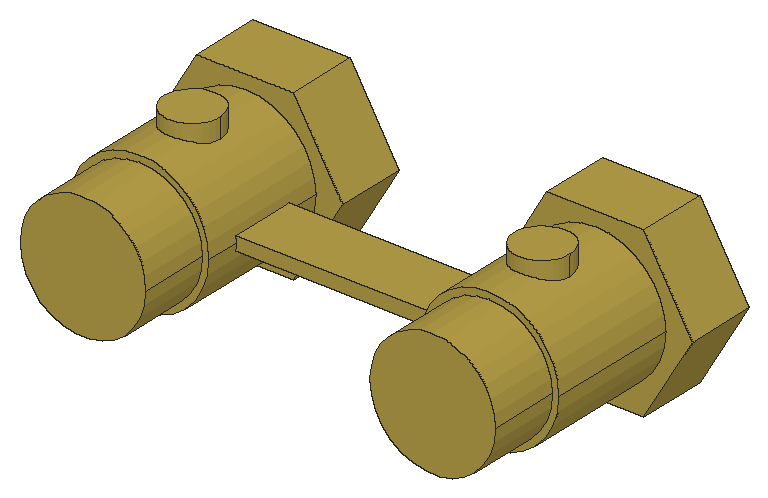
Revit family "Прямой H-образный клапан «Standart V»", category Арматура трубопроводов, Revit 2020
Family settings
  Размер круглого соединителя = Использовать диаметр
  Тип детали = Клапан - Обычный
  На основе рабочей плоскости = Нет
  Всегда вертикально = Нет
  При загрузке вырезать с полостями = Нет
  Общий = Да
Parameters (values of type "¾’’ Евроконус – ¾’’ нар.")
  Пользовательский [instance] = yes
  Default Elevation = 0 mm
  Description = ""
  K Coefficient = 1.3
  Assembly Code = ""
  Manufacturer = ""
  URL = "https://www.weser.ru/about/documentation/"
  L2 = 35 mm
  L1 = 50 mm
  Kvs [instance] = 0.0 m³/h
  D = 8 mm
  ADSK_Наименование краткое [instance] = "Запорно-присоединительный узел"  # constant formula
  ADSK_Наименование [instance] = "Прямой H-образный клапан «Standart» V"  # constant formula
  ADSK_Материал = Латунь
  ADSK_Масса [instance] = 0
  ADSK_Код изделия = "891521"
  ADSK_Завод-изготовитель = "Weser"  # constant formula
  ADSK_Единица измерения = "шт."  # constant formula
  ADSK_Диаметр условный = 20 mm
  ADSK_Группирование [instance] = ""
  ADSK_URL страницы изделия [instance] = ""
  ADSK_URL документации изделия [instance] = ""
Reference planes
  plane 1 "По центру (Вперед/Назад)": y = 0
  plane 2: z = 0
  plane 3 "По центру (Влево/Вправо)": x = 0
  plane 4: x = -25
  plane 5: x = 25
  plane 6: y = 19.5
  plane 7: y = -19.5
  plane 8: y = 9.5
  plane 9: y = -9.5
  plane 10: y = 4.75
  plane 11: y = -4.75
  plane 12: z = 12
Forms (mm)
  Extrusion 1, solid, material "Латунь" <- "ADSK_Материал", detail levels fine
    sketch origin (0, 0, 0) x (1, 0, 0) y (0, 0, 1)
      loop
        circle (-25, 0) r 10
      loop
        circle (25, 0) r 10
    from -19.5 to 9.5
  Extrusion 2, solid, material "Латунь" <- "ADSK_Материал", detail levels fine
    sketch origin (0, 0, 0) x (1, 0, 0) y (0, 0, 1)
      loop
        line (-31.928, 12) -> (-38.856, 0) -> (-31.928, -12) -> (-18.072, -12) -> (-11.144, 0) -> (-18.072, 12) -> (-31.928, 12)
      loop
        line (18.072, 12) -> (11.144, 0) -> (18.072, -12) -> (31.928, -12) -> (38.856, 0) -> (31.928, 12) -> (18.072, 12)
    from -19.5 to -9.5
  Extrusion 3, solid, material "Латунь" <- "ADSK_Материал", detail levels fine
    sketch origin (0, 0, 0) x (1, 0, 0) y (0, 0, 1)
      loop
        circle (-25, 0) r 9
      loop
        circle (25, 0) r 9
    from 9.5 to 19.5
  Extrusion 4, solid, material "Латунь" <- "ADSK_Материал", detail levels fine
    sketch origin (0, 0, 0) x (1, 0, 0) y (0, 1, 0)
      loop
        line (-25, 4.75) -> (-25, -4.75) -> (25, -4.75) -> (25, 4.75) -> (-25, 4.75)
    from -1 to 1
  Extrusion 5, solid, material "Латунь" <- "ADSK_Материал", detail levels fine
    sketch origin (0, 0, 0) x (1, 0, 0) y (0, 1, 0)
      loop
        circle (-25, 0) r 4
      loop
        circle (25, 0) r 4
    from 0 to 12
Cuts and joins
  joined: Extrusion 1, Extrusion 2, Extrusion 3, Extrusion 4, Extrusion 5
Dimensions and locks
  equal spacing: plane 4, plane 3 "По центру (Влево/Вправо)", plane 5
  "L1": plane 4 to plane 5
  equal spacing: plane 6, plane 1 "По центру (Вперед/Назад)", plane 7
  locked: plane 6 to plane 8 at 10
  plane 7 to plane 9 = 10 mm
  equal spacing: plane 8, plane 10, plane 1 "По центру (Вперед/Назад)", plane 11, plane 9
  plane 12 to level = 12 mm
  "ADSK_Диаметр условный": diameter of Extrusion 1 sketch curve  (x2)
  "D": diameter of Extrusion 5 sketch curve  (x2)
  aligned and locked: level to plane 2
  aligned and locked: plane 6 to Extrusion 2
  aligned and locked: plane 6 to Extrusion 1
  aligned and locked: Extrusion 2 to plane 8
  aligned and locked: plane 9 to Extrusion 1
  aligned and locked: Extrusion 3 to Extrusion 1
  aligned and locked: Extrusion 3 to plane 7
  aligned and locked: Extrusion 5 to cut or joined group of Extrusion 1, Extrusion 2, Extrusion 3, Extrusion 4, Extrusion 5
  aligned and locked: Extrusion 5 to level
Automatic sketch dimensions
  Extrusion 3 sketch curve to level = 0 mm  (x2)
  Extrusion 3 sketch curve to plane 4 = 0 mm
  Extrusion 3 sketch curve to plane 5 = 0 mm
  Extrusion 4 sketch curve to plane 4 = 0 mm
  Extrusion 4 sketch curve to plane 5 = 0 mm
  Extrusion 4 sketch curve to plane 11 = 0 mm
  Extrusion 4 sketch curve to plane 10 = 0 mm
  Extrusion 1 sketch curve to level = 0 mm  (x2)
  Extrusion 1 sketch curve to plane 4 = 0 mm
  Extrusion 1 sketch curve to plane 5 = 0 mm
  plane 1 "По центру (Вперед/Назад)" to Extrusion 5 sketch curve = 0 mm  (x2)
  Extrusion 5 sketch curve to plane 4 = 0 mm
  Extrusion 5 sketch curve to plane 5 = 0 mm
  radius of Extrusion 3 sketch curve = 9 mm  (x2)
Nested families
  nested 1: "УГО Клапан регулирующий проходной" at (-25, 0.42, 0) x (0, 1, 0) z (0, 0, 1), type "УГО Клапан регулирующий проходной", detail levels coarse+medium
    with УГО в разрезе no, УГО в плане yes, L1 8.75 mm, L 52.501 mm, H 35.521 mm, D 35.521 mm, ADSK_Позиция "", ADSK_Обозначение "", ADSK_Наименование "", ADSK_Код изделия ""
  nested 2: "УГО Клапан регулирующий проходной" at (25, 0.42, 0) x (0, 1, 0) z (0, 0, 1), type "УГО Клапан регулирующий проходной", detail levels coarse+medium
    with УГО в разрезе no, УГО в плане yes, L1 8.75 mm, L 52.501 mm, H 35.521 mm, D 35.521 mm, ADSK_Позиция "", ADSK_Обозначение "", ADSK_Наименование "", ADSK_Код изделия ""
Connectors
  piping at (-25, -9.5, 0), diameter 20, driven by "ADSK_Диаметр условный"
    settings: on cut or joined group of Extrusion 1, Extrusion 2, Extrusion 3, Extrusion 4, Extrusion 5, index 1, connector inside diameter 609.6 mm, connector length 0 mm, flow factor 0, pipe flow 0.0 m³/h, pressure drop 0.0 Pa, fitting loss kfactor 0, connector angle 0.00°, fixture units 0, engagement length 0 mm, angle of deflection 0.00°, flow configuration 0, flow direction 0, fitting loss method 0, system type 29, joint type 0, gender type 0, connector reference index 4, connector utility 0, adjustable connector no, is connector primary yes, connector description ""
  piping at (25, -9.5, 0), diameter 20, driven by "ADSK_Диаметр условный"
    settings: on cut or joined group of Extrusion 1, Extrusion 2, Extrusion 3, Extrusion 4, Extrusion 5, index 2, connector inside diameter 609.6 mm, connector length 0 mm, flow factor 0, pipe flow 0.0 m³/h, pressure drop 0.0 Pa, fitting loss kfactor 0, connector angle 0.00°, fixture units 0, engagement length 0 mm, angle of deflection 0.00°, flow configuration 0, flow direction 0, fitting loss method 0, system type 29, joint type 0, gender type 0, connector reference index 3, connector utility 0, adjustable connector no, is connector primary no, connector description ""
  piping at (25, 19.5, 0), diameter 20, driven by "ADSK_Диаметр условный"
    settings: on cut or joined group of Extrusion 1, Extrusion 2, Extrusion 3, Extrusion 4, Extrusion 5, index 3, connector inside diameter 609.6 mm, connector length 0 mm, flow factor 0, pipe flow 0.0 m³/h, pressure drop 0.0 Pa, fitting loss kfactor 0, connector angle 0.00°, fixture units 0, engagement length 0 mm, angle of deflection 0.00°, flow configuration 0, flow direction 0, fitting loss method 0, system type 28, joint type 0, gender type 0, connector reference index 2, connector utility 0, adjustable connector no, is connector primary no, connector description ""
  piping at (-25, 19.5, 0), diameter 20, driven by "ADSK_Диаметр условный"
    settings: on cut or joined group of Extrusion 1, Extrusion 2, Extrusion 3, Extrusion 4, Extrusion 5, index 4, connector inside diameter 609.6 mm, connector length 0 mm, flow factor 0, pipe flow 0.0 m³/h, pressure drop 0.0 Pa, fitting loss kfactor 0, connector angle 0.00°, fixture units 0, engagement length 0 mm, angle of deflection 0.00°, flow configuration 0, flow direction 0, fitting loss method 0, system type 28, joint type 0, gender type 0, connector reference index 1, connector utility 0, adjustable connector no, is connector primary no, connector description ""
  piping at (-25, 0, 12), diameter 15
    settings: on cut or joined group of Extrusion 1, Extrusion 2, Extrusion 3, Extrusion 4, Extrusion 5, index 5, connector inside diameter 609.6 mm, connector length 0 mm, flow factor 0, pipe flow 0.0 m³/h, pressure drop 0.0 Pa, fitting loss kfactor 0, connector angle 0.00°, fixture units 0, engagement length 0 mm, angle of deflection 0.00°, flow configuration 0, flow direction 0, fitting loss method 0, system type 28, joint type 0, gender type 0, connector reference index -1, connector utility 0, adjustable connector no, is connector primary no, connector description ""
  piping at (25, 0, 12), diameter 15
    settings: on cut or joined group of Extrusion 1, Extrusion 2, Extrusion 3, Extrusion 4, Extrusion 5, index 6, connector inside diameter 609.6 mm, connector length 0 mm, flow factor 0, pipe flow 0.0 m³/h, pressure drop 0.0 Pa, fitting loss kfactor 0, connector angle 0.00°, fixture units 0, engagement length 0 mm, angle of deflection 0.00°, flow configuration 0, flow direction 0, fitting loss method 0, system type 28, joint type 0, gender type 0, connector reference index -1, connector utility 0, adjustable connector no, is connector primary no, connector description ""
Definition of nested family "УГО Клапан регулирующий проходной"
  Parameters (values of type "УГО Клапан запорно-балансировочный ручной")
    УГО в разрезе [instance] = not(УГО в плане)  # no
    УГО в плане [instance] = yes
    Разработчик (телефон) = ""
    Разработчик (email) = ""
    Разработчик (URL) = ""
    Разработчик = ""
    Default Elevation = 0 mm
    Manufacturer = ""
    L1 [instance] = L / 6  # 16.667 mm
    L [instance] = 100 mm
    H [instance] = D  # 50 mm
    D [instance] = 50 mm
    ADSK_Позиция [instance] = ""
    ADSK_Обозначение [instance] = ""
    ADSK_Наименование [instance] = ""
    ADSK_Масса = 0
    ADSK_Количество = 1  # constant formula
    ADSK_Код изделия [instance] = ""
    ADSK_Завод-изготовитель = Manufacturer  # ""
    ADSK_Единица измерения = "шт"  # constant formula
    ADSK_URL документации изделия = ""
  Types (3, lengths in mm): name | L1 | L | H | D
    УГО Клапан регулирующий проходной | 33.333 | 200 | 100 | 100
    УГО Клапан запорный | 33.333 | 200 | 100 | 100
    УГО Клапан запорно-балансировочный ручной | 16.667 | 100 | 50 | 50
  Reference planes
    plane 1 "По центру (Вперед/Назад)": y = 0
    plane 2: z = 0
    plane 3 "По центру (Влево/Вправо)": x = 0
    plane 4: x = -50
    plane 5: x = -8.333
    plane 6: x = 50
    plane 7: x = 8.333
    plane 8: y = 50
    plane 9: y = 25
    plane 10: y = -25
    plane 11: z = 25
    plane 12: z = 50
    plane 13: z = -25
  Lines and regions (mm)
    model lines, visible <- "УГО в плане", detail levels coarse+medium
      curve 1: line (-50, 25, 0) -> (-50, -25, 0)
      curve 2: line (-50, -25, 0) -> (50, 25, 0)
      curve 3: line (50, 25, 0) -> (50, -25, 0)
      curve 4: line (50, -25, 0) -> (-50, 25, 0)
      curve 5: line (-8.333, 25, 0) -> (0, 0, 0)
      curve 6: line (0, 0, 0) -> (8.333, 25, 0)
      curve 7: line (8.333, 25, 0) -> (-8.333, 25, 0)
      curve 8: line (0, 50, 0) -> (0, 25, 0)
    model lines, visible <- "УГО в разрезе", detail levels coarse+medium
      curve 9: line (-50, 0, 25) -> (-50, 0, -25)
      curve 10: line (-50, 0, -25) -> (50, 0, 25)
      curve 11: line (50, 0, 25) -> (50, 0, -25)
      curve 12: line (50, 0, -25) -> (-50, 0, 25)
      curve 13: line (0, 0, 0) -> (-8.333, 0, 25)
      curve 14: line (-8.333, 0, 25) -> (8.333, 0, 25)
      curve 15: line (8.333, 0, 25) -> (0, 0, 0)
      curve 16: line (0, 0, 50) -> (0, 0, 25)
    symbolic lines, detail levels coarse+medium
      curve 17: line (-50, 0, 25) -> (-50, 0, -25)
      curve 18: line (-50, 0, -25) -> (50, 0, 25)
      curve 19: line (50, 0, 25) -> (50, 0, -25)
      curve 20: line (50, 0, -25) -> (-50, 0, 25)
      curve 21: line (0, 0, 0) -> (-8.333, 0, 25)
      curve 22: line (-8.333, 0, 25) -> (8.333, 0, 25)
      curve 23: line (8.333, 0, 25) -> (0, 0, 0)
      curve 24: line (0, 0, 25) -> (0, 0, 50)
      curve 25: line (-50, 25, 0) -> (-50, -25, 0)
      curve 26: line (-50, -25, 0) -> (50, 25, 0)
      curve 27: line (50, 25, 0) -> (50, -25, 0)
      curve 28: line (50, -25, 0) -> (-50, 25, 0)
      curve 29: line (0, 0, 0) -> (-8.333, 25, 0)
      curve 30: line (-8.333, 25, 0) -> (8.333, 25, 0)
      curve 31: line (8.333, 25, 0) -> (0, 0, 0)
      curve 32: line (0, 25, 0) -> (0, 50, 0)
  Dimensions and locks
    equal spacing: plane 4, plane 3 "По центру (Влево/Вправо)", plane 6
    "L": plane 4 to plane 6
    equal spacing: plane 5, plane 3 "По центру (Влево/Вправо)", plane 7
    "L1": plane 5 to plane 7
    equal spacing: plane 9, plane 1 "По центру (Вперед/Назад)", plane 10
    "D": plane 9 to plane 10
    "H": plane 8 to plane 1 "По центру (Вперед/Назад)"
    equal spacing: plane 11, level, plane 13
    "D": plane 11 to plane 13
    "H": plane 12 to level
    aligned and locked: level to plane 2
  Automatic sketch dimensions
    curve 15 to level = 0 mm
    curve 16 to plane 3 "По центру (Влево/Вправо)" = 0 mm
    curve 23 to level = 0 mm
    plane 7 to curve 14 = 0 mm
    curve 11 to plane 13 = 0 mm
    curve 16 to plane 12 = 0 mm
    curve 18 to plane 11 = 0 mm
    plane 6 to curve 20 = 0 mm
    curve 20 to plane 11 = 0 mm
    curve 21 to plane 5 = 0 mm
    curve 21 to level = 0 mm
    curve 21 to plane 11 = 0 mm
    curve 23 to plane 3 "По центру (Влево/Вправо)" = 0 mm
    curve 24 to plane 3 "По центру (Влево/Вправо)" = 0 mm
    curve 24 to plane 12 = 0 mm
    curve 9 to plane 4 = 0 mm
    curve 6 to plane 3 "По центру (Влево/Вправо)" = 0 mm
    curve 8 to plane 3 "По центру (Влево/Вправо)" = 0 mm
    curve 6 to plane 9 = 0 mm
    curve 26 to plane 9 = 0 mm
    curve 8 to plane 8 = 0 mm
    plane 10 to curve 25 = 0 mm
    curve 26 to plane 4 = 0 mm
    curve 26 to plane 6 = 0 mm
    plane 10 to curve 28 = 0 mm
    curve 28 to plane 9 = 0 mm
    curve 29 to plane 5 = 0 mm
    curve 29 to plane 3 "По центру (Влево/Вправо)" = 0 mm
    curve 31 to plane 7 = 0 mm
    curve 32 to plane 3 "По центру (Влево/Вправо)" = 0 mm
    curve 32 to plane 8 = 0 mm
